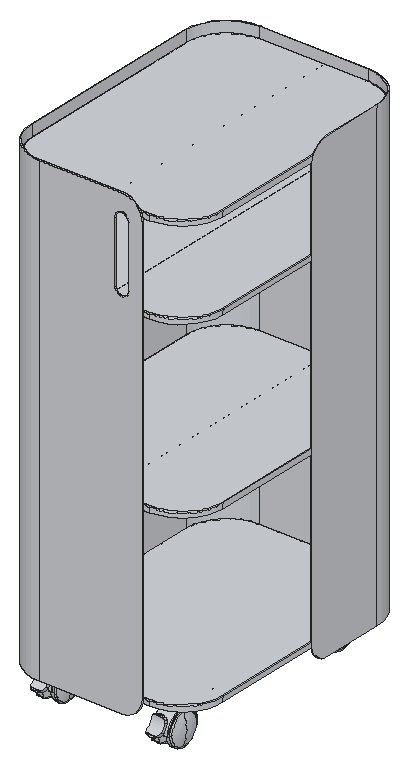
Revit family "Form_Stash Tower", category Generic Models, Revit 2018
Family settings
  Can host rebar = No
  Round Connector Dimension = Use Diameter
  Part Type = Normal
  Work Plane-Based = No
  Always vertical = Yes
  Cut with Voids When Loaded = No
  Shared = No
  Room Calculation Point = No
Parameters
  Wheel Material = none
  Tower = none
Reference planes
  plane 1 "Center (Front/Back)": y = 0
  plane 2: z = 0
  plane 3 "Center (Left/Right)": x = 0
Forms (mm)
  Sweep 1, solid, material <- "Tower"
    path origin (0, 0, 0) x (1, 0, 0) y (0, 1, 0)
      loop
        arc (-101.37, 252.5) -> (-154.354, 230.553) -> (-176.3, 177.57) r 74.93
        line (-176.3, 177.57) -> (-176.3, -177.57)
        arc (-176.3, -177.57) -> (-154.353, -230.554) -> (-101.37, -252.5) r 74.93
        line (-101.37, -252.5) -> (101.37, -252.5)
        arc (101.37, -252.5) -> (154.354, -230.553) -> (176.3, -177.57) r 74.93
        line (176.3, -177.57) -> (176.3, 177.638)
        arc (176.3, 177.638) -> (154.373, 230.573) -> (101.438, 252.5) r 74.862
        line (101.438, 252.5) -> (-101.37, 252.5)
    profile origin (0.034, 252.5, 0) x (0, 1, 0) y (0, 0, 1)
      loop
        arc (0, 90) -> (-0.293, 90.707) -> (-1, 91) r 1
        line (-1, 91) -> (-4.675, 91) -> (-4.675, 89.5) -> (-1.5, 89.5) -> (-1.5, 80.999) -> (0, 80.999) -> (0, 90)
  Sweep 2, solid, material <- "Tower"
    path origin (0, 0, 0) x (1, 0, 0) y (0, 1, 0)
      loop
        line (177.8, 63.5) -> (177.8, 177.7)
        arc (177.8, 177.7) -> (155.452, 231.652) -> (101.5, 254) r 76.3
        line (101.5, 254) -> (-101.5, 254)
        arc (-101.5, 254) -> (-155.452, 231.652) -> (-177.8, 177.7) r 76.3
        line (-177.8, 177.7) -> (-177.8, -177.739)
        arc (-177.8, -177.739) -> (-155.464, -231.664) -> (-101.539, -254) r 76.261
        line (-101.539, -254) -> (88.921, -254)
    profile origin (177.8, 120.6, 0) x (-1, 0, 0) y (0, 0, 1)
      loop
        line (0, 52) -> (1.5, 52) -> (1.5, 915.6) -> (0, 915.6) -> (0, 52)
  Sweep 3, void
    path origin (0, 0, 0) x (1, 0, 0) y (0, 0, 1)
      loop
        arc (38.1, 756.25) -> (50.8, 743.55) -> (63.5, 756.25) r 12.7
        line (63.5, 756.25) -> (63.5, 870.55)
        arc (63.5, 870.55) -> (50.8, 883.25) -> (38.1, 870.55) r 12.7
        line (38.1, 870.55) -> (38.1, 756.25)
    profile origin (50.8, 0, 883.25) x (0, 0, 1) y (0, -1, 0)
      loop
        line (-0.79, 252.5) -> (0.019, 252.5)
        arc (0.019, 252.5) -> (-0.405, 253.25) -> (0.019, 254) r 0.875
        line (0.019, 254) -> (-0.79, 254) -> (-0.79, 252.5)
  Extrusion 4, void
    sketch origin (0, 0, 0) x (1, 0, 0) y (0, 0, 1)
      loop
        line (38.891, 870.55) -> (38.891, 756.25)
        arc (38.891, 756.25) -> (50.8, 744.34) -> (62.71, 756.25) r 11.91
        line (62.71, 756.25) -> (62.71, 870.55)
        arc (62.71, 870.55) -> (50.8, 882.46) -> (38.891, 870.55) r 11.91
    from 237.18 to 303.272
  Extrusion 5, void
    sketch origin (0, 0, 0) x (1, 0, 0) y (0, 0, 1)
      loop
        arc (50.8, 915.6) -> (77.756, 904.435) -> (88.921, 877.479) r 38.121
        line (88.921, 877.479) -> (88.921, 915.6) -> (50.8, 915.6)
    from 252.274 to 266.972
  Extrusion 6, void
    sketch origin (0, 0, 0) x (1, 0, 0) y (0, 0, 1)
      loop
        line (51.031, 52) -> (88.921, 52) -> (88.921, 89.89)
        arc (88.921, 89.89) -> (77.823, 63.098) -> (51.031, 52) r 37.89
    from 252.5 to 254
  Extrusion 7, solid, material <- "Tower"
    sketch origin (0, 0, 0) x (0, 1, 0) y (0, 0, 1)
      loop
        line (63.5, 52) -> (63.5, 915.6)
        arc (63.5, 915.6) -> (36.559, 904.441) -> (25.4, 877.5) r 38.1
        line (25.4, 877.5) -> (25.4, 90.1)
        arc (25.4, 90.1) -> (36.559, 63.159) -> (63.5, 52) r 38.1
    from 176.3 to 177.8
  Sweep 8, solid, material <- "Tower"
    path origin (0, 0, 0) x (1, 0, 0) y (0, 0, 1)
      loop
        line (-150, 73) -> (-112.412, 73) -> (118.822, 73) -> (150, 73)
    profile origin (134.411, 0, 73) x (0, 0, 1) y (0, -1, 0)
      loop
        line (2, -198.2) -> (16.5, -198.2) -> (16.5, -196.7) -> (2.5, -196.7)
        arc (2.5, -196.7) -> (1.793, -196.407) -> (1.5, -195.7) r 1
        line (1.5, -195.7) -> (1.5, -170.7)
        arc (1.5, -170.7) -> (1.793, -169.993) -> (2.5, -169.7) r 1
        line (2.5, -169.7) -> (16.5, -169.7) -> (16.5, -168.2) -> (2, -168.2)
        arc (2, -168.2) -> (0.586, -168.786) -> (0, -170.2) r 2
        line (0, -170.2) -> (0, -196.2)
        arc (0, -196.2) -> (0.586, -197.614) -> (2, -198.2) r 2
      loop
        arc (2, 198.2) -> (0.586, 197.614) -> (0, 196.2) r 2
        line (0, 196.2) -> (0, 170.2)
        arc (0, 170.2) -> (0.586, 168.786) -> (2, 168.2) r 2
        line (2, 168.2) -> (16.5, 168.2) -> (16.5, 169.7) -> (2.5, 169.7)
        arc (2.5, 169.7) -> (1.793, 169.993) -> (1.5, 170.7) r 1
        line (1.5, 170.7) -> (1.5, 195.7)
        arc (1.5, 195.7) -> (1.793, 196.407) -> (2.5, 196.7) r 1
        line (2.5, 196.7) -> (16.5, 196.7) -> (16.5, 198.2) -> (2, 198.2)
  Extrusion 9, solid, material <- "Tower"
    sketch origin (0, 0, 0) x (1, 0, 0) y (0, 1, 0)
      loop
        arc (-171.625, -177.57) -> (-151.047, -227.248) -> (-101.37, -247.825) r 70.255
        line (-101.37, -247.825) -> (101.37, -247.825)
        arc (101.37, -247.825) -> (151.048, -227.247) -> (171.625, -177.57) r 70.255
        line (171.625, -177.57) -> (171.625, 177.638)
        arc (171.625, 177.638) -> (151.067, 227.267) -> (101.438, 247.825) r 70.186
        line (101.438, 247.825) -> (-101.37, 247.825)
        arc (-101.37, 247.825) -> (-151.048, 227.247) -> (-171.625, 177.57) r 70.255
        line (-171.625, 177.57) -> (-171.625, -177.57)
    from 89.5 to 91
  Extrusion 10, solid, material <- "Tower"
    sketch origin (0, 0, 0) x (1, 0, 0) y (0, 1, 0)
      loop
        arc (-171.625, -177.57) -> (-151.047, -227.248) -> (-101.37, -247.825) r 70.255
        line (-101.37, -247.825) -> (101.37, -247.825)
        arc (101.37, -247.825) -> (151.048, -227.247) -> (171.625, -177.57) r 70.255
        line (171.625, -177.57) -> (171.625, 177.638)
        arc (171.625, 177.638) -> (151.067, 227.267) -> (101.438, 247.825) r 70.186
        line (101.438, 247.825) -> (-101.37, 247.825)
        arc (-101.37, 247.825) -> (-151.048, 227.247) -> (-171.625, 177.57) r 70.255
        line (-171.625, 177.57) -> (-171.625, -177.57)
    from 895.015 to 896.515
  Sweep 11, solid, material <- "Tower"
    path origin (0, 0, 0) x (1, 0, 0) y (0, 1, 0)
      loop
        arc (-101.37, 252.5) -> (-154.354, 230.553) -> (-176.3, 177.57) r 74.93
        line (-176.3, 177.57) -> (-176.3, -177.57)
        arc (-176.3, -177.57) -> (-154.353, -230.554) -> (-101.37, -252.5) r 74.93
        line (-101.37, -252.5) -> (101.37, -252.5)
        arc (101.37, -252.5) -> (154.354, -230.553) -> (176.3, -177.57) r 74.93
        line (176.3, -177.57) -> (176.3, 177.638)
        arc (176.3, 177.638) -> (154.373, 230.573) -> (101.438, 252.5) r 74.862
        line (101.438, 252.5) -> (-101.37, 252.5)
    profile origin (0.034, 252.5, 0) x (0, 1, 0) y (0, 0, 1)
      loop
        arc (0, 895.515) -> (-0.293, 896.222) -> (-1, 896.515) r 1
        line (-1, 896.515) -> (-4.675, 896.515) -> (-4.675, 895.015) -> (-1.5, 895.015) -> (-1.5, 886.5) -> (0, 886.5) -> (0, 895.515)
  Sweep 12, solid, material <- "Tower"
    path origin (0, 0, 0) x (1, 0, 0) y (0, 1, 0)
      loop
        arc (-101.37, 252.5) -> (-154.354, 230.553) -> (-176.3, 177.57) r 74.93
        line (-176.3, 177.57) -> (-176.3, -177.57)
        arc (-176.3, -177.57) -> (-154.353, -230.554) -> (-101.37, -252.5) r 74.93
        line (-101.37, -252.5) -> (101.37, -252.5)
        arc (101.37, -252.5) -> (154.354, -230.553) -> (176.3, -177.57) r 74.93
        line (176.3, -177.57) -> (176.3, 177.638)
        arc (176.3, 177.638) -> (154.373, 230.573) -> (101.438, 252.5) r 74.862
        line (101.438, 252.5) -> (-101.37, 252.5)
    profile origin (0.034, 252.5, 0) x (0, 1, 0) y (0, 0, 1)
      loop
        arc (0, 732.315) -> (-0.293, 733.022) -> (-1, 733.315) r 1
        line (-1, 733.315) -> (-4.675, 733.315) -> (-4.675, 731.815) -> (-1.5, 731.815) -> (-1.5, 723.3) -> (0, 723.3) -> (0, 732.315)
  Sweep 13, solid, material <- "Tower"
    path origin (0, 0, 0) x (1, 0, 0) y (0, 1, 0)
      loop
        arc (-101.37, 252.5) -> (-154.354, 230.553) -> (-176.3, 177.57) r 74.93
        line (-176.3, 177.57) -> (-176.3, -177.57)
        arc (-176.3, -177.57) -> (-154.353, -230.554) -> (-101.37, -252.5) r 74.93
        line (-101.37, -252.5) -> (101.37, -252.5)
        arc (101.37, -252.5) -> (154.354, -230.553) -> (176.3, -177.57) r 74.93
        line (176.3, -177.57) -> (176.3, 177.638)
        arc (176.3, 177.638) -> (154.373, 230.573) -> (101.438, 252.5) r 74.862
        line (101.438, 252.5) -> (-101.37, 252.5)
    profile origin (0.034, 252.5, 0) x (0, 1, 0) y (0, 0, 1)
      loop
        arc (0, 411.15) -> (-0.293, 411.857) -> (-1, 412.15) r 1
        line (-1, 412.15) -> (-4.675, 412.15) -> (-4.675, 410.65) -> (-1.5, 410.65) -> (-1.5, 402.135) -> (0, 402.135) -> (0, 411.15)
  Extrusion 14, solid, material <- "Tower"
    sketch origin (0, 0, 0) x (1, 0, 0) y (0, 1, 0)
      loop
        line (-101.37, -247.825) -> (101.37, -247.825)
        arc (101.37, -247.825) -> (151.048, -227.247) -> (171.625, -177.57) r 70.255
        line (171.625, -177.57) -> (171.625, 177.638)
        arc (171.625, 177.638) -> (151.067, 227.267) -> (101.438, 247.825) r 70.186
        line (101.438, 247.825) -> (-101.37, 247.825)
        arc (-101.37, 247.825) -> (-151.048, 227.247) -> (-171.625, 177.57) r 70.255
        line (-171.625, 177.57) -> (-171.624, -177.57)
        arc (-171.624, -177.57) -> (-151.047, -227.248) -> (-101.37, -247.825) r 70.255
    from 731.815 to 733.315
  Extrusion 15, solid, material <- "Tower"
    sketch origin (0, 0, 0) x (1, 0, 0) y (0, 1, 0)
      loop
        arc (101.37, -247.825) -> (151.048, -227.247) -> (171.625, -177.57) r 70.255
        line (171.625, -177.57) -> (171.625, 177.638)
        arc (171.625, 177.638) -> (151.067, 227.267) -> (101.438, 247.825) r 70.186
        line (101.438, 247.825) -> (-101.37, 247.825)
        arc (-101.37, 247.825) -> (-151.048, 227.247) -> (-171.625, 177.57) r 70.255
        line (-171.625, 177.57) -> (-171.624, -177.57)
        arc (-171.624, -177.57) -> (-151.047, -227.248) -> (-101.37, -247.825) r 70.255
        line (-101.37, -247.825) -> (101.37, -247.825)
    from 412.15 to 410.65
  Extrusion 16, solid, material <- "Tower"
    sketch origin (0, 0, 0) x (1, 0, 0) y (0, 1, 0)
      loop
        line (-101.37, -247.825) -> (101.37, -247.825)
        arc (101.37, -247.825) -> (151.048, -227.247) -> (171.625, -177.57) r 70.255
        line (171.625, -177.57) -> (171.625, 177.638)
        arc (171.625, 177.638) -> (151.067, 227.267) -> (101.438, 247.825) r 70.186
        line (101.438, 247.825) -> (-101.37, 247.825)
        arc (-101.37, 247.825) -> (-151.048, 227.247) -> (-171.625, 177.57) r 70.255
        line (-171.625, 177.57) -> (-171.624, -177.57)
        arc (-171.624, -177.57) -> (-151.047, -227.248) -> (-101.37, -247.825) r 70.255
    from 89.5 to 91
  Extrusion 17, solid, material <- "Tower"
    sketch origin (0, 0, 0) x (1, 0, 0) y (0, 0, 1)
      loop
        arc (-13.5, 408.754) -> (-14.055, 410.095) -> (-15.396, 410.65) r 1.896
        line (-15.396, 410.65) -> (-20, 410.65) -> (-20, 409.218) -> (-15, 409.218) -> (-15, 402.135) -> (15, 402.135) -> (15, 409.218) -> (20, 409.218) -> (20, 410.65) -> (15.408, 410.65)
        arc (15.408, 410.65) -> (14.059, 410.091) -> (13.5, 408.742) r 1.908
        line (13.5, 408.742) -> (13.5, 404.279)
        arc (13.5, 404.279) -> (13.336, 403.882) -> (12.939, 403.718) r 0.561
        line (12.939, 403.718) -> (-12.715, 403.718)
        arc (-12.715, 403.718) -> (-13.27, 403.948) -> (-13.5, 404.503) r 0.785
        line (-13.5, 404.503) -> (-13.5, 408.754)
      loop
        arc (-13.5, 729.919) -> (-14.055, 731.26) -> (-15.396, 731.815) r 1.896
        line (-15.396, 731.815) -> (-20, 731.815) -> (-20, 730.383) -> (-15, 730.383) -> (-15, 723.3) -> (15, 723.3) -> (15, 730.383) -> (20, 730.383) -> (20, 731.815) -> (15.408, 731.815)
        arc (15.408, 731.815) -> (14.059, 731.256) -> (13.5, 729.907) r 1.908
        line (13.5, 729.907) -> (13.5, 725.444)
        arc (13.5, 725.444) -> (13.336, 725.047) -> (12.939, 724.883) r 0.561
        line (12.939, 724.883) -> (-12.715, 724.883)
        arc (-12.715, 724.883) -> (-13.27, 725.113) -> (-13.5, 725.668) r 0.785
        line (-13.5, 725.668) -> (-13.5, 729.919)
      loop
        arc (-13.5, 893.119) -> (-14.055, 894.46) -> (-15.396, 895.015) r 1.896
        line (-15.396, 895.015) -> (-20, 895.015) -> (-20, 893.583) -> (-15, 893.583) -> (-15, 886.5) -> (15, 886.5) -> (15, 893.583) -> (20, 893.583) -> (20, 895.015) -> (15.408, 895.015)
        arc (15.408, 895.015) -> (14.059, 894.456) -> (13.5, 893.107) r 1.908
        line (13.5, 893.107) -> (13.5, 888.644)
        arc (13.5, 888.644) -> (13.336, 888.247) -> (12.939, 888.083) r 0.561
        line (12.939, 888.083) -> (-12.715, 888.083)
        arc (-12.715, 888.083) -> (-13.27, 888.313) -> (-13.5, 888.868) r 0.785
        line (-13.5, 888.868) -> (-13.5, 893.119)
    from -251 to 251
Cuts and joins
  Sweep 3, Extrusion 4, Extrusion 5, Extrusion 6 cuts Sweep 2
  joined: Sweep 2, Extrusion 7
  joined: Sweep 1, Extrusion 9, Extrusion 10, Sweep 11, Extrusion 16
  joined: Sweep 12, Extrusion 14
  joined: Sweep 13, Extrusion 15
Dimensions and locks
  aligned and locked: level to plane 2
Nested families
  nested 1: "Back wheel.dwg" at (-107, 163.208, 0), type "Back wheel.dwg"
  nested 2: "Back wheel.dwg" at (107, 163.208, 0), type "Back wheel.dwg"
  nested 3: "Front Wheel" at (-107, -203.192, 0), type "Front Wheel"
  nested 4: "Front Wheel" at (107, -203.192, 0), type "Front Wheel"
Definition of nested family "Back wheel.dwg"
  Parameters (values of type "Back wheel.dwg")
    Wheel = none
  Reference planes
    plane 1 "Center (Front/Back)": y = 0
    plane 2: z = 0
    plane 3 "Center (Left/Right)": x = 0
  Forms (mm)
    Revolve 1, solid, material <- "Wheel"
      sketch origin (0, 0, 0) x (1, 0, 0) y (0, 0, 1)
        loop
          line (8.75, 0) -> (16.135, 0)
          arc (16.135, 0) -> (17.447, 0.424) -> (18.264, 1.535) r 2.245
          arc (18.264, 1.535) -> (21.694, 15.501) -> (22.83, 29.837) r 88.987
          line (22.83, 29.837) -> (21.83, 29.837)
          arc (21.83, 29.837) -> (20.681, 15.501) -> (17.212, 1.544) r 87.987
          arc (17.212, 1.544) -> (16.921, 1.15) -> (16.454, 1) r 0.8
          line (16.454, 1) -> (8.75, 1) -> (8.75, 0)
        axis (8.75, 29.837) -> (22.83, 29.837)
      angle from 0 to 360
    Revolve 2, solid, material <- "Wheel"
      sketch origin (0, 0, 0) x (-1, 0, 0) y (0, 0, 1)
        loop
          line (8.75, 0) -> (16.135, 0)
          arc (16.135, 0) -> (17.447, 0.424) -> (18.264, 1.535) r 2.245
          arc (18.264, 1.535) -> (21.694, 15.501) -> (22.83, 29.837) r 88.987
          line (22.83, 29.837) -> (21.83, 29.837)
          arc (21.83, 29.837) -> (20.681, 15.501) -> (17.212, 1.544) r 87.987
          arc (17.212, 1.544) -> (16.921, 1.15) -> (16.454, 1) r 0.8
          line (16.454, 1) -> (8.75, 1) -> (8.75, 0)
        axis (8.75, 29.837) -> (22.83, 29.837)
      angle from 0 to 360
    Sweep 3, solid, material <- "Wheel"
      path origin (0, 0, 0) x (0, 1, 0) y (0, 0, 1)
        loop
          arc (31.378, 29.805) -> (-0.006, 61.189) -> (-31.39, 29.805) r 31.384
      profile origin (0, -0.006, 61.189) x (0, 0, -1) y (1, 0, 0)
        loop
          line (0, -15.204) -> (0, 15.171) -> (-1.521, 15.171)
          arc (-1.521, 15.171) -> (-2.088, 14.936) -> (-2.321, 14.37) r 0.8
          line (-2.321, 14.37) -> (-2.271, -14.406)
          arc (-2.271, -14.406) -> (-2.036, -14.97) -> (-1.471, -15.204) r 0.8
          line (-1.471, -15.204) -> (0, -15.204)
    Extrusion 4, solid, material <- "Wheel"
      sketch origin (0, 0, 0) x (1, 0, 0) y (0, 1, 0)
        loop
          circle (0, 19.992) r 9.769
      from 42.828 to 66.992
    Sweep 5, solid, material <- "Wheel"
      path origin (0, 0, 0) x (1, 0, 0) y (0, 1, 0)
        loop
          line (6.907, 16.004) -> (6.907, 23.98) -> (0, 27.968) -> (-6.907, 23.98) -> (-6.907, 16.004) -> (0, 12.017) -> (6.907, 16.004)
      profile origin (6.907, 19.992, 0) x (-1, 0, 0) y (0, 0, 1)
        loop
          arc (0, 69.8) -> (0.234, 69.234) -> (0.8, 69) r 0.8
          line (0.8, 69) -> (0.8, 73)
          arc (0.8, 73) -> (0.234, 72.766) -> (0, 72.2) r 0.8
          line (0, 72.2) -> (0, 69.8)
    Revolve 6, solid, material <- "Wheel"
      sketch origin (0, 19.992, 0) x (1, 0, 0) y (0, 0, 1)
        loop
          line (0, 88) -> (-3.355, 88) -> (-4.098, 87.479) -> (-3.078, 86.886) -> (-4.154, 86.268) -> (-3.075, 85.645) -> (-4.155, 85.019) -> (-3.086, 84.391) -> (-4.154, 83.77) -> (-3.085, 83.138) -> (-4.156, 82.519) -> (-3.075, 81.895) -> (-4.155, 81.269) -> (-3.086, 80.641) -> (-4.154, 80.02) -> (-3.085, 79.388) -> (-4.156, 78.769) -> (-3.075, 78.145) -> (-4.155, 77.519) -> (-3.086, 76.891) -> (-4.154, 76.27) -> (-3.08, 75.634) -> (-4.157, 75.019) -> (-3.075, 74.395) -> (-4.011, 73.853) -> (-4.011, 67) -> (0, 67) -> (0, 88)
        axis (0, 67) -> (0, 88)
      angle from 0 to 360
    Extrusion 7, solid, material <- "Wheel"
      sketch origin (0, 0, 0) x (1, 0, 0) y (0, 1, 0)
        loop
          line (-6.107, 23.518) -> (-6.107, 16.466) -> (0, 12.941) -> (6.107, 16.466) -> (6.107, 23.518) -> (0, 27.044) -> (-6.107, 23.518)
        loop
          circle (0, 19.992) r 4.157
      from 69 to 73
  Dimensions and locks
    aligned and locked: level to plane 2
Definition of nested family "Front Wheel"
  Parameters (values of type "Front Wheel")
    Back wheel = none
  Reference planes
    plane 1 "Center (Front/Back)": y = 0
    plane 2: z = 0
    plane 3 "Center (Left/Right)": x = 0
  Forms (mm)
    Revolve 1, solid, material <- "Back wheel"
      sketch origin (0, 0, 0) x (1, 0, 0) y (0, 0, 1)
        loop
          line (8.75, 0) -> (16.135, 0)
          arc (16.135, 0) -> (17.447, 0.424) -> (18.264, 1.535) r 2.245
          arc (18.264, 1.535) -> (21.694, 15.501) -> (22.83, 29.837) r 88.987
          line (22.83, 29.837) -> (21.83, 29.837)
          arc (21.83, 29.837) -> (20.681, 15.501) -> (17.212, 1.544) r 87.987
          arc (17.212, 1.544) -> (16.921, 1.15) -> (16.454, 1) r 0.8
          line (16.454, 1) -> (8.75, 1) -> (8.75, 0)
        axis (8.75, 29.837) -> (22.83, 29.837)
      angle from 0 to 360
    Revolve 2, solid, material <- "Back wheel"
      sketch origin (0, 0, 0) x (-1, 0, 0) y (0, 0, 1)
        loop
          line (8.75, 0) -> (16.135, 0)
          arc (16.135, 0) -> (17.447, 0.424) -> (18.264, 1.535) r 2.245
          arc (18.264, 1.535) -> (21.694, 15.501) -> (22.83, 29.837) r 88.987
          line (22.83, 29.837) -> (21.83, 29.837)
          arc (21.83, 29.837) -> (20.681, 15.501) -> (17.212, 1.544) r 87.987
          arc (17.212, 1.544) -> (16.921, 1.15) -> (16.454, 1) r 0.8
          line (16.454, 1) -> (8.75, 1) -> (8.75, 0)
        axis (8.75, 29.837) -> (22.83, 29.837)
      angle from 0 to 360
    Sweep 3, solid, material <- "Back wheel"
      path origin (0, 0, 0) x (0, 1, 0) y (0, 0, 1)
        loop
          arc (31.378, 29.805) -> (-0.006, 61.189) -> (-31.39, 29.805) r 31.384
      profile origin (0, -0.006, 61.189) x (0, 0, -1) y (1, 0, 0)
        loop
          line (0, -15.204) -> (0, 15.171) -> (-1.521, 15.171)
          arc (-1.521, 15.171) -> (-2.088, 14.936) -> (-2.321, 14.37) r 0.8
          line (-2.321, 14.37) -> (-2.271, -14.406)
          arc (-2.271, -14.406) -> (-2.036, -14.97) -> (-1.471, -15.204) r 0.8
          line (-1.471, -15.204) -> (0, -15.204)
    Extrusion 4, solid, material <- "Back wheel"
      sketch origin (0, 0, 0) x (1, 0, 0) y (0, 1, 0)
        loop
          circle (0, 19.992) r 9.769
      from 42.828 to 66.992
    Sweep 5, solid, material <- "Back wheel"
      path origin (0, 0, 0) x (1, 0, 0) y (0, 1, 0)
        loop
          line (6.907, 16.004) -> (6.907, 23.98) -> (0, 27.968) -> (-6.907, 23.98) -> (-6.907, 16.004) -> (0, 12.017) -> (6.907, 16.004)
      profile origin (6.907, 19.992, 0) x (-1, 0, 0) y (0, 0, 1)
        loop
          arc (0, 69.8) -> (0.234, 69.234) -> (0.8, 69) r 0.8
          line (0.8, 69) -> (0.8, 73)
          arc (0.8, 73) -> (0.234, 72.766) -> (0, 72.2) r 0.8
          line (0, 72.2) -> (0, 69.8)
    Revolve 6, solid, material <- "Back wheel"
      sketch origin (0, 19.992, 0) x (1, 0, 0) y (0, 0, 1)
        loop
          line (0, 88) -> (-3.355, 88) -> (-4.098, 87.479) -> (-3.078, 86.886) -> (-4.154, 86.268) -> (-3.075, 85.645) -> (-4.155, 85.019) -> (-3.086, 84.391) -> (-4.154, 83.77) -> (-3.085, 83.138) -> (-4.156, 82.519) -> (-3.075, 81.895) -> (-4.155, 81.269) -> (-3.086, 80.641) -> (-4.154, 80.02) -> (-3.085, 79.388) -> (-4.156, 78.769) -> (-3.075, 78.145) -> (-4.155, 77.519) -> (-3.086, 76.891) -> (-4.154, 76.27) -> (-3.08, 75.634) -> (-4.157, 75.019) -> (-3.075, 74.395) -> (-4.011, 73.853) -> (-4.011, 67) -> (0, 67) -> (0, 88)
        axis (0, 67) -> (0, 88)
      angle from 0 to 360
    Extrusion 7, solid, material <- "Back wheel"
      sketch origin (0, 0, 0) x (1, 0, 0) y (0, 1, 0)
        loop
          line (-6.107, 23.518) -> (-6.107, 16.466) -> (0, 12.941) -> (6.107, 16.466) -> (6.107, 23.518) -> (0, 27.044) -> (-6.107, 23.518)
        loop
          circle (0, 19.992) r 4.157
      from 69 to 73
    Extrusion 8, solid, material <- "Back wheel"
      sketch origin (0, 0, 0) x (0, 1, 0) y (0, 0, 1)
        loop
          arc (-36.386, 43.583) -> (-41.5, 38.174) -> (-47.81, 34.223) r 29.402
          arc (-47.81, 34.223) -> (-46.189, 34.474) -> (-44.682, 33.828) r 2.977
          line (-44.682, 33.828) -> (-42.526, 22.014)
          arc (-42.526, 22.014) -> (-41.912, 20.843) -> (-40.74, 20.23) r 2.218
          line (-40.74, 20.23) -> (-14.142, 15.404) -> (-12.753, 23.283) -> (-34.574, 27.76) -> (-36.386, 43.583)
      from -7.296 to 7.215
    Extrusion 9, solid, material <- "Back wheel"
      sketch origin (0, 0, 0) x (0, 1, 0) y (0, 0, 1)
        loop
          arc (-32.04, 64.681) -> (-33.972, 63.979) -> (-35.38, 62.483) r 4.441
          arc (-35.38, 62.483) -> (-35.737, 61.604) -> (-35.844, 60.661) r 3.49
          arc (-35.844, 60.661) -> (-40.257, 46.119) -> (-52.45, 37.049) r 24.281
          arc (-52.45, 37.049) -> (-53.063, 36.758) -> (-53.586, 36.329) r 2.786
          arc (-53.586, 36.329) -> (-54.771, 34.353) -> (-54.995, 32.06) r 5.243
          arc (-54.995, 32.06) -> (-36.599, 43.502) -> (-32.04, 64.681) r 27.738
      from -15.204 to 15.171
    Extrusion 10, void
      sketch origin (0, -30.962, -8.106) x (1, 0, 0) y (0, 0.422618, 0.906308)
        loop
          line (-15.204, 67.261) -> (-15.204, 17.456) -> (15.171, 17.456) -> (15.171, 67.261) -> (-15.204, 67.261)
        loop
          arc (-8.128, 60.859) -> (-11.277, 57.077) -> (-12.406, 52.286) r 10.731
          line (-12.406, 52.286) -> (-12.406, 36.2)
          arc (-12.406, 36.2) -> (-11.817, 33.743) -> (-10.178, 31.82) r 5.419
          arc (-10.178, 31.82) -> (-1.117, 28.565) -> (8.269, 30.708) r 17.138
          arc (8.269, 30.708) -> (11.433, 33.804) -> (12.594, 38.077) r 8.44
          line (12.594, 38.077) -> (12.594, 53.144)
          arc (12.594, 53.144) -> (12.066, 56.13) -> (10.544, 58.753) r 8.697
          arc (10.544, 58.753) -> (1.627, 63.522) -> (-8.128, 60.859) r 13.673
      from 0 to 80.541
  Cuts and joins
    Extrusion 10 cuts Extrusion 9
    joined: Sweep 5, Extrusion 7
  Dimensions and locks
    aligned and locked: level to plane 2
